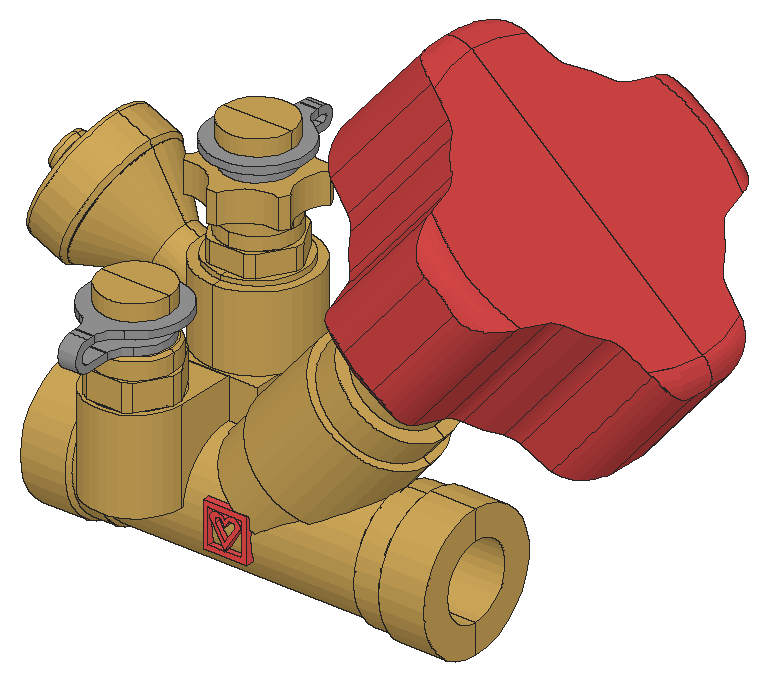
Revit family "Strangregulierventil mit Messblende 4017 ML (LF-MF)", category Rohrzubehör, Revit 2021
Family settings
  Bemaßung runder Anschluss = Durchmesser verwenden
  Teiletyp = Unterbricht
  OmniClass-Nummer = 23.65.55.14
  OmniClass-Titel = Valves for Liquid Services
  Arbeitsebenenbasiert = Nein
  Immer vertikal = Ja
  Beim Laden mit Abzugskörper schneiden = Nein
  Gemeinsam genutzt = Nein
Parameters (values of type "MF")
  kvs-Wert [instance] = if(and(Nennweite = 15.000 mm, LF), 0.46, if(and(Nennweite = 15.000 mm, MF), 0.88, 0))  # 0.88
  kv-Wert der Blende [instance] = if(and(Nennweite = 15.000 mm, LF), 0.48, if(and(Nennweite = 15.000 mm, MF), 0.97, 0))  # 0.97
  W01 = 50.00°  # constant formula
  Vorgabe-Ansicht = 0.000 mm
  URL = "www.herz-armaturen.at"
  SW01 = 60.00°  # constant formula
  SCRNSEQ = "ARM;ARM_TYP=\"STRV\";2"
  SCRNCODE = "05;07;02"  # constant formula
  S03 = 60.000 mm  # constant formula
  S02 [instance] = L04 + L06 + L07  # 76.800 mm
  S01 [instance] = D01 * 2  # 27.000 mm
  R03 = 21.500 mm  # constant formula
  R02 = 9.500 mm  # constant formula
  R01 = 12.000 mm  # constant formula
  Medium = "Heizwasserqualität entsprechend ÖNORM H 5195 bzw. VDI-Richtlinie 2035"
  MF = yes
  LF = no
  L10 [instance] = size_lookup("4017_ML_", "L10", 1.000 mm, Nennweite)  # 28.500 mm
  L09 [instance] = size_lookup("4017_ML_", "L9", 1.000 mm, Nennweite)  # 22.500 mm
  L08 [instance] = size_lookup("4017_ML_", "L8", 1.000 mm, Nennweite)  # 12.700 mm
  L07 [instance] = size_lookup("4017_ML_", "L7", 1.000 mm, Nennweite)  # 35.100 mm
  L06 [instance] = size_lookup("4017_ML_", "L6", 1.000 mm, Nennweite)  # 6.500 mm
  L05 [instance] = size_lookup("4017_ML_", "L5", 1.000 mm, Nennweite)  # 20.200 mm
  L04 [instance] = size_lookup("4017_ML_", "L4", 1.000 mm, Nennweite)  # 35.200 mm
  L03 [instance] = size_lookup("4017_ML_", "L3", 1.000 mm, Nennweite)  # 1.000 mm
  H03 [instance] = H01 - 19.000 mm  # 1.000 mm
  H02 = 13.000 mm  # constant formula
  Gehäuse = "entzinkungsbeständigem Messing"  # constant formula
  E01 [instance] = L00 / -2  # -41.500 mm
  E00 = 0.000 mm  # constant formula
  D09 [instance] = size_lookup("4017_ML_", "D9", 1.000 mm, Nennweite)  # 11.750 mm
  D08 [instance] = size_lookup("4017_ML_", "D8", 1.000 mm, Nennweite)  # 9.500 mm
  D07 [instance] = size_lookup("4017_ML_", "D7", 1.000 mm, Nennweite)  # 12.000 mm
  D06 [instance] = size_lookup("4017_ML_", "D6", 1.000 mm, Nennweite)  # 13.500 mm
  D05 [instance] = size_lookup("4017_ML_", "D5", 1.000 mm, Nennweite)  # 12.500 mm
  D04 [instance] = Nennweite / 2  # 7.500 mm
  IG [instance] = Nennweite / 2  # 7.500 mm
  D03 [instance] = size_lookup("4017_ML_", "D3", 1.000 mm, Nennweite)  # 11.900 mm
  D02 [instance] = size_lookup("4017_ML_", "D2", 1.000 mm, Nennweite)  # 12.700 mm
  D01 [instance] = size_lookup("4017_ML_", "D1", 1.000 mm, Nennweite)  # 13.500 mm
  Nennweite [instance] = 15.000 mm  # constant formula
  Max. Differenzdruck bei geschlossenen Sitz = 1000000.0 Pa  # constant formula
  Max. Betriebstemperatur = 130 °C  # constant formula
  Max. Betriebsdruck = 2000000.0 Pa  # constant formula
  L02 [instance] = size_lookup("4017_ML_", "L2", 1.000 mm, Nennweite)  # 5.000 mm
  L01 [instance] = size_lookup("4017_ML_", "L1", 1.000 mm, Nennweite)  # 9.250 mm
  L00 [instance] = size_lookup("4017_ML_", "L", 1.000 mm, Nennweite)  # 83.000 mm
  Hersteller = "HERZ Armaturen Ges.m.b.H."  # constant formula
  H01 [instance] = size_lookup("4017_ML_", "H1", 1.000 mm, Nennweite)  # 20.000 mm
  GT [instance] = size_lookup("4017_ML_", "GT", 1.000 mm, Nennweite)  # 13.200 mm
  DN50 [instance] = Nennweite = 50.000 mm  # no
  DN40 [instance] = Nennweite = 40.000 mm  # no
  DN32 [instance] = Nennweite = 32.000 mm  # no
  DN25 [instance] = Nennweite = 25.000 mm  # no
  DN20 [instance] = Nennweite = 20.000 mm  # no
  DN15 [instance] = Nennweite = 15.000 mm  # yes
  Bestellnummer [instance] = if(and(Nennweite = 15.000 mm, LF), 1401730, if(and(Nennweite = 15.000 mm, MF), 1401739, 0))  # 1401739
  Ausführung = "STRÖMAX 4017 ML, Strangregulierventil mit Messblende und Impulsleitungsanschluss für Differenzdruckmessung in Schrägsitzform, mit Messventilen\r\nGelbe Ausführung aus entzinkungsbeständigen Messing, Muffe x Muffe, Spindelabdichtung mit Dreifach-O-Ring, Voreinstellung durch Hubbegrenzung, digitale Anzeige der Voreinstellstufe im Handradfenster."
  Anwendungsgebiet = "Zum hydraulischen Abgleich in Heiz- oder Kühlanlagen, Einregulieren von Verteilleitungen, Strängen, Wärmetauschern,\r\nHeiz- und Kühlregistern."
Types (3, lengths in mm): name | kvs-Wert | kv-Wert der Blende | MF | LF | Bestellnummer
  (no name) | 0.88 | 0.97 | yes | no | 1401739
  LF | 0.46 | 0.48 | no | yes | 1401730
  MF | 0.88 | 0.97 | yes | no | 1401739
Reference planes
  plane 1 "Mitte (Vorne/hinten)": y = 0
  plane 2: z = 0
  plane 3 "Mitte (Links/rechts)": x = 0
Forms (mm)
  Revolve 1, solid, material "Messing, weicher Gelbton, geschweißt", detail levels fine
    sketch origin (470, 0, 0) x (1, 0, 0) y (0, 0, 1)
      loop
        line (-511.5, 7.5) -> (-498.3, 7.5) -> (-498.3, 0) -> (-441.7, 0) -> (-441.7, 7.5) -> (-428.5, 7.5) -> (-428.5, 13.5) -> (-437.75, 13.5) -> (-438.421, 12.7) -> (-443.421, 12.7) -> (-444.093, 11.9) -> (-495.907, 11.9) -> (-496.579, 12.7) -> (-501.579, 12.7) -> (-502.25, 13.5) -> (-511.5, 13.5) -> (-511.5, 7.5)
      axis (-511.5, 0) -> (-428.5, 0)
    angle from 0 to 360
  Revolve 2, solid, material "Messing, weicher Gelbton, geschweißt", detail levels fine
    sketch origin (0.32, 0, -0.105) x (1, 0, 0) y (0, 0, 1)
      loop
        line (-1.32, 0.105) -> (48.046, 58.937) -> (39.045, 66.49) -> (30.882, 56.761) -> (32.605, 55.315) -> (18.207, 38.155) -> (16.292, 39.762) -> (12.114, 34.783) -> (10.964, 35.747) -> (-2.02, 20.273) -> (-1.254, 19.63) -> (-7.652, 12.005) -> (-7.065, 4.926) -> (-1.32, 0.105)
      axis (-1.32, 0.105) -> (48.046, 58.937)
    angle from 0 to 360
  Extrusion 3, solid, material "Messing, weicher Gelbton, geschweißt", detail levels fine
    sketch origin (0, 0, 0) x (1, 0, 0) y (0, 1, 0)
      loop
        arc (-28.5, -12) -> (-19, -21.5) -> (-9.5, -12) r 9.5
        line (-9.5, -12) -> (-9.5, 0) -> (-28.5, 0) -> (-28.5, -12)
    from 1 <- "H03" to 20 <- "H01"
  Extrusion 4, solid, material "Messing, weicher Gelbton, geschweißt", detail levels fine
    sketch origin (0, 0, 0) x (1, 0, 0) y (0, 1, 0)
      loop
        line (-22.5, 12) -> (-22.5, 0) -> (-3.5, 0) -> (-3.5, 12)
        arc (-3.5, 12) -> (-13, 21.5) -> (-22.5, 12) r 9.5
    from 0 to 20 <- "H01"
  Extrusion 5, void
    sketch origin (0, 0, 0) x (1, 0, 0) y (0, 0, 1)
      loop
        line (55, 0) -> (80, 0) -> (80, 73) -> (55, 73) -> (55, 0)
    from 55 to -55
Cuts and joins
  Extrusion 5 cuts Revolve 2
Lines and regions (mm)
  model lines, detail levels coarse+medium
    curve 1: line (-41.5, 0, 13.5) -> (-41.5, 0, -13.5)
    curve 2: line (-41.5, 0, -13.5) -> (41.5, 0, 13.5)
    curve 3: line (41.5, 0, 13.5) -> (41.5, 0, -13.5)
    curve 4: line (41.5, 0, -13.5) -> (-41.5, 0, 13.5)
    curve 5: line (0, 0, 0) -> (38.4, 0, 66.511)
    curve 6: line (12.419, 0, 81.511) -> (64.381, 0, 51.511)
    curve 7: line (-41.5, -13.5, 0) -> (-41.5, 13.5, 0)
    curve 8: line (-41.5, 13.5, 0) -> (41.5, -13.5, 0)
    curve 9: line (41.5, -13.5, 0) -> (41.5, 13.5, 0)
    curve 10: line (41.5, 13.5, 0) -> (-41.5, -13.5, 0)
    curve 11: line (0, 0, 0) -> (38.4, 66.511, 0)
    curve 12: line (12.419, 81.511, 0) -> (64.381, 51.511, 0)
Dimensions and locks
  "L00": Revolve 1 sketch curve to Revolve 1 sketch curve
  equal spacing: Revolve 1 sketch curve, plane 3 "Mitte (Links/rechts)", Revolve 1 sketch curve
  "D01": Revolve 1 sketch curve to Revolve 1 sketch curve  (x2)
  "GT": Revolve 1 sketch curve to Revolve 1 sketch curve  (x2)
  "D06": Revolve 2 sketch curve to Revolve 2 sketch curve
  "D07": Revolve 2 sketch curve to Revolve 2 sketch curve
  "D08": Revolve 2 sketch curve to Revolve 2 sketch curve
  "D09": Revolve 2 sketch curve to Revolve 2 sketch curve
  equal spacing: curve 1, plane 3 "Mitte (Links/rechts)", curve 3
  "L00": curve 1 to curve 3
  equal spacing: curve 4, plane 2, curve 2
  "S01": curve 4 to curve 1
  "S01": curve 3 to curve 4
  equal spacing: curve 3, plane 2, curve 4
  "S02": curve 5 to curve 5
  equal spacing: curve 6, curve 5, curve 6
  "S03": curve 6 to curve 6
  equal spacing: curve 7, plane 3 "Mitte (Links/rechts)", curve 9
  "L00": curve 7 to curve 9
  equal spacing: curve 10, plane 1 "Mitte (Vorne/hinten)", curve 8
  "S01": curve 8 to curve 10
  equal spacing: curve 9, plane 1 "Mitte (Vorne/hinten)", curve 10
  "S01": curve 10 to curve 9
  "S02": curve 11 to curve 11
  equal spacing: curve 12, curve 11, curve 12
  "S03": curve 12 to curve 12
  "L01": Revolve 1 sketch curve to Revolve 1 sketch curve  (x2)
  "D02": Revolve 1 sketch curve to plane 2  (x2)
  "D03": Revolve 1 sketch curve to plane 2
  "IG": Revolve 1 sketch curve to plane 2  (x2)
  "L02": Revolve 1 sketch curve to Revolve 1 sketch curve  (x2)
  "L04": Revolve 2 sketch curve to Revolve 2 sketch curve
  "L05": Revolve 2 sketch curve to Revolve 2 sketch curve
  "D03": Revolve 2 sketch curve to plane 2
  "L06": Revolve 2 sketch curve to Revolve 2 sketch curve
  "L08": Revolve 2 sketch curve to Revolve 2 sketch curve
  "L07": Revolve 2 sketch curve to Revolve 2 sketch curve
  "D04": Revolve 2 sketch curve to Revolve 2 sketch curve
  "D05": Revolve 2 sketch curve to Revolve 2 sketch curve
  "L03": plane 3 "Mitte (Links/rechts)" to Revolve 2 sketch curve  (x2)
  "D03": nested 1 to plane 1 "Mitte (Vorne/hinten)"
  "L09": Revolve 1 to Extrusion 3 sketch curve
  "R01": Extrusion 3 sketch curve to plane 1 "Mitte (Vorne/hinten)"
  "R01": plane 1 "Mitte (Vorne/hinten)" to Extrusion 4 sketch curve
  "L10": Revolve 1 to Extrusion 4 sketch curve
  "H01": nested 2 to plane 2
  "R01": nested 2 to plane 1 "Mitte (Vorne/hinten)"
  "L09": Revolve 1 to nested 2
  Extrusion 5 sketch curve to plane 3 "Mitte (Links/rechts)" = 55.000 mm
  Extrusion 5 sketch curve to Extrusion 5 sketch curve = 25.000 mm
  Extrusion 5 sketch curve to plane 2 = 73.000 mm
  "L10": Revolve 1 to nested 4
  "R01": plane 1 "Mitte (Vorne/hinten)" to nested 4
  "H01": nested 4 to plane 2
  "R02": radius of Extrusion 3 sketch curve
  "R02": radius of Extrusion 4 sketch curve
  "W01": angle level to Revolve 2 sketch curve
  "SW01": angle plane 2 to curve 5
  "SW01": angle plane 1 "Mitte (Vorne/hinten)" to curve 11
  "W01": angle Revolve 1 sketch curve to Revolve 1 sketch curve  (x4)
  "W01": angle plane 2 to Revolve 2 sketch curve
  aligned and locked: level to plane 2
Automatic sketch dimensions
  Extrusion 5 sketch curve to level = 0.000 mm
  curve 5 to level = 0.000 mm
  plane 1 "Mitte (Vorne/hinten)" to curve 11 = 0.000 mm
  Revolve 1 sketch curve to level = 0.000 mm  (x2)
  Revolve 1 sketch curve to Revolve 1 sketch curve = 791.990 mm
  Revolve 1 sketch curve to Revolve 1 sketch curve = 2278.983 mm
  Revolve 2 sketch curve to level = 0.000 mm  (x2)
  plane 1 "Mitte (Vorne/hinten)" to Extrusion 3 sketch curve = 0.000 mm
  plane 1 "Mitte (Vorne/hinten)" to Extrusion 4 sketch curve = 0.000 mm
Nested families
  nested 1: "Herz-Logo-vorne" at (0, -11.9, 0) x (0, 1, 0) z (0, 0, 1), type "Herz-Logo-vorne", detail levels fine
  nested 2: "Messstutzen_Band_Eintritt_senkrecht_(oben)" at (-19, -12, 2.5) x (-1, 0, 0) z (0, 0, 1), type "Messstutzen_Band_Eintritt_senkrecht_(oben)", detail levels fine
    with Schutzkappe yes, Nennweite 0.000 mm, Gewicht 0.00 kg, Bestellnummer 0
  nested 3: "Strangregulierventil-Handrad (Rot) DN15-DN32" at (48.366, 0, 58.832), visible <- "DN15", type "Strangregulierventil-Handrad (Rot) DN15-DN32"
    with Nennweite 0.000 mm, Gewicht 0.00 kg, Bestellnummer 0
  nested 4: "Messstutzen_Band-KFE_Austritt_senkrecht_(oben)" at (-13, 12, 24.41), type "Messstutzen_Band-KFE_Austritt_senkrecht_(oben)", detail levels fine
    with Schutzkappe yes, Nennweite 0.000 mm, Gewicht 0.00 kg, Bestellnummer 0
Connectors
  piping at (-28.3, 0, 0), diameter 15, driven by "Nennweite"
    settings: on Revolve 1, index 1, connector inside diameter 609.6 mm, connector length 0.000 mm, flow factor 0, pipe flow 0.0 L/s, pressure drop 0.0 Pa, fitting loss kfactor 0, connector angle 0.00°, fixture units 0, engagement length 0.000 mm, angle of deflection 0.00°, flow configuration 0, flow direction 1, fitting loss method 0, system type 29, joint type 0, gender type 0, connector reference index -1, connector utility 0, adjustable connector no, is connector primary yes, connector description ""
  piping at (28.3, 0, 0), diameter 15, driven by "Nennweite"
    settings: on Revolve 1, index 2, connector inside diameter 609.6 mm, connector length 0.000 mm, flow factor 0, pipe flow 0.0 L/s, pressure drop 0.0 Pa, fitting loss kfactor 0, connector angle 0.00°, fixture units 0, engagement length 0.000 mm, angle of deflection 0.00°, flow configuration 0, flow direction 2, fitting loss method 0, system type 29, joint type 0, gender type 0, connector reference index -1, connector utility 0, adjustable connector no, is connector primary no, connector description ""
Definition of nested family "Herz-Logo-vorne"
  Parameters (values of type "Herz-Logo-vorne")
    Default Elevation = 0.000 mm
  Reference planes
    plane 1 "Mitte (Vorne/hinten)": y = 0
    plane 2: z = 0
    plane 3 "Mitte (Links/rechts)": x = 0
  Forms (mm)
    Extrusion 1, solid
      sketch origin (0.732, -0.018, 0.017) x (0, -1, 0) y (0, 0, 1)
        loop
          line (-0.018, -4.517) -> (4.482, -4.517) -> (4.482, 4.483) -> (-4.518, 4.483) -> (-4.518, -4.517) -> (-0.018, -4.517)
        loop
          line (-0.05, -3.48) -> (3.482, -3.48) -> (3.482, 3.483) -> (-3.518, 3.483) -> (-3.518, -3.48) -> (-0.05, -3.48)
        loop
          arc (-0.018, 2.383) -> (-1.543, 3.287) -> (-3.067, 2.383) r 1.738
          arc (-3.067, 2.383) -> (-3.191, 1.899) -> (-3.067, 1.415) r 1.009
          line (-3.067, 1.415) -> (-0.018, -3.281) -> (3.032, 1.415)
          arc (3.032, 1.415) -> (3.156, 1.899) -> (3.032, 2.383) r 1.009
          arc (3.032, 2.383) -> (1.507, 3.287) -> (-0.018, 2.383) r 1.738
        loop
          arc (1.885, 1.272) -> (2.005, 1.675) -> (1.885, 2.079) r 0.74
          arc (1.885, 2.079) -> (1.265, 2.416) -> (0.644, 2.079) r 0.74
          line (0.644, 2.079) -> (-0.018, 0.97) -> (-0.679, 2.079)
          arc (-0.679, 2.079) -> (-1.3, 2.416) -> (-1.921, 2.079) r 0.74
          arc (-1.921, 2.079) -> (-2.04, 1.675) -> (-1.921, 1.272) r 0.74
          line (-1.921, 1.272) -> (-0.018, -1.658) -> (1.885, 1.272)
      from 0 to 1.5
  Dimensions and locks
    aligned and locked: level to plane 2
Definition of nested family "Messstutzen_Band_Eintritt_senkrecht_(oben)"
  Parameters (values of type "Messstutzen_Band_Eintritt_senkrecht_(oben)")
    Default Elevation = 0.000 mm
    URL = "www.herz-armaturen.at"
    Schutzkappe [instance] = yes
    Nennweite [instance] = 0.000 mm
    Manufacturer = "Herz Armaturen GmbH"  # constant formula
    Gewicht [instance] = 0.00 kg
    Bestellnummer [instance] = 0
  Reference planes
    plane 1 "Mitte (Vorne/hinten)": y = 0
    plane 2: z = 0
    plane 3 "Mitte (Links/rechts)": x = 0
    plane 4 "Schlaufe 1": z = -27
    plane 5 "Schlaufe 2": z = -31.678
  Forms (mm)
    Revolve 1, solid, detail levels fine
      sketch origin (0, 0, 0) x (1, 0, 0) y (0, 0, 1)
        loop
          line (-7.4, 9) -> (-5.55, 9) -> (-5.55, 6)
          arc (-5.55, 6) -> (-5.626, 5.617) -> (-5.843, 5.293) r 1
          line (-5.843, 5.293) -> (-6.455, 4.681) -> (-6.455, 0.9) -> (-5.555, 0) -> (-2, 0) -> (-2, 17.5) -> (-8.4, 17.5)
          arc (-8.4, 17.5) -> (-7.693, 17.207) -> (-7.4, 16.5) r 1
          line (-7.4, 16.5) -> (-7.4, 9)
        loop
          line (-3.7, 27) -> (-7.3, 27) -> (-7.9, 26.4) -> (-7.9, 23) -> (-2, 23) -> (-2, 35.8) -> (-3.805, 35.8) -> (-4.415, 35.19) -> (-4.415, 30.863) -> (-3.7, 30.45) -> (-3.7, 27)
        axis (0, 0) -> (0, 35.8)
      angle from 0 to 360
    Extrusion 2, solid, detail levels fine
      sketch origin (0, 0, 17.5) x (0, 1, 0) y (-1, 0, 0)
        loop
          arc (-7.07, 5.156) -> (-7.578, 4.375) -> (-8, 3.544) r 8.75
          line (-8, 3.544) -> (-8, -3.544)
          arc (-8, -3.544) -> (-7.578, -4.375) -> (-7.07, -5.156) r 8.75
          line (-7.07, -5.156) -> (-0.93, -8.7)
          arc (-0.93, -8.7) -> (0, -8.75) -> (0.93, -8.7) r 8.75
          line (0.93, -8.7) -> (7.07, -5.156)
          arc (7.07, -5.156) -> (7.578, -4.375) -> (8, -3.544) r 8.75
          line (8, -3.544) -> (8, 3.544)
          arc (8, 3.544) -> (7.578, 4.375) -> (7.07, 5.156) r 8.75
          line (7.07, 5.156) -> (0.93, 8.7)
          arc (0.93, 8.7) -> (0, 8.75) -> (-0.93, 8.7) r 8.75
          line (-0.93, 8.7) -> (-7.07, 5.156)
      from 0 to 5.5
    Revolve 3, solid, visible <- "Schutzkappe", detail levels fine
      sketch origin (0, 0, 0) x (1, 0, 0) y (0, 0, 1)
        loop
          line (0, 35.878) -> (0, 36.678) -> (-7, 36.678) -> (-7, 33.378) -> (-6.1, 33.378) -> (-6.1, 31.678) -> (-6.9, 31.678) -> (-6.9, 30.178) -> (-4.415, 30.178) -> (-4.415, 35.268) -> (-3.805, 35.878) -> (0, 35.878)
        axis (0, 30.178) -> (0, 36.678)
      angle from 0 to 360
    Extrusion 4, solid, detail levels fine
      sketch origin (0, 0, 28.5) x (1, 0, 0) y (0, 1, 0)
        loop
          circle (0, 0) r 3.7
        loop
          arc (-3.906, 5.505) -> (0, -6.75) -> (3.906, 5.505) r 6.75
          arc (3.906, 5.505) -> (2.358, 7.288) -> (1.8, 9.582) r 5
          line (1.8, 9.582) -> (-1.8, 9.582)
          arc (-1.8, 9.582) -> (-2.358, 7.288) -> (-3.906, 5.505) r 5
      from 0 to -1.5
    Extrusion 5, solid, detail levels fine
      sketch origin (0, 0, 33.178) x (1, 0, 0) y (0, 1, 0)
        loop
          circle (0, 0) r 6.1
        loop
          arc (-4.495, 8.652) -> (0, -9.75) -> (4.495, 8.652) r 9.75
          arc (4.495, 8.652) -> (2.527, 10.493) -> (1.8, 13.089) r 5
          line (1.8, 13.089) -> (-1.8, 13.089)
          arc (-1.8, 13.089) -> (-2.527, 10.493) -> (-4.495, 8.652) r 5
      from 0 to -1.5
    Sweep 6, solid, detail levels fine
      path origin (0, 0, 0) x (0, 0, -1) y (0, -1, 0)
        loop
          line (-27.75, -9.582) -> (-27.75, -14.522)
          arc (-27.75, -14.522) -> (-30.089, -16.862) -> (-32.428, -14.522) r 2.339
          line (-32.428, -14.522) -> (-32.428, -13.089)
      profile origin (0, 12.052, 27.75) x (0, 0, 1) y (1, 0, 0)
        loop
          line (-0.75, -1.8) -> (0.75, -1.8) -> (0.75, 1.8) -> (-0.75, 1.8) -> (-0.75, -1.8)
  Dimensions and locks
    aligned and locked: level to plane 2
Definition of nested family "Strangregulierventil-Handrad (Rot) DN15-DN32"
  Parameters (values of type "Strangregulierventil-Handrad (Rot) DN15-DN32")
    Default Elevation = 0.000 mm
    URL = "www.herz-armaturen.at"
    Nennweite [instance] = 0.000 mm
    Manufacturer = "Herz Armaturen GmbH"  # constant formula
    Gewicht [instance] = 0.00 kg
    Bestellnummer [instance] = 0
  Reference planes
    plane 1 "Mitte (Vorne/hinten)": y = 0
    plane 2: z = 0
    plane 3 "Mitte (Links/rechts)": x = 0
  Forms (mm)
    Revolve 1, solid, detail levels fine
      sketch origin (0, 0, 0) x (0.766044, 0, -0.642788) y (0.642788, 0, 0.766044)
        loop
          line (0, 0) -> (0, 24.95) -> (-30.992, 24.95)
          arc (-30.992, 24.95) -> (-34.37, 23.636) -> (-35.973, 20.386) r 5
          line (-35.973, 20.386) -> (-37, 8.65) -> (-35.986, -2.936)
          arc (-35.986, -2.936) -> (-34.383, -6.186) -> (-31.005, -7.5) r 5
          line (-31.005, -7.5) -> (-15, -7.5) -> (-15, 0) -> (0, 0)
        axis (0, 24.95) -> (0, -7.5)
      angle from 0 to 360
    Extrusion 2, void
      sketch origin (13.049, 0, 15.551) x (0.766044, 0, -0.642788) y (0, 1, 0)
        loop
          line (3.861, 35.5) -> (-3.861, 35.5)
          arc (-3.861, 35.5) -> (-8.731, 33.847) -> (-11.589, 29.571) r 8
          line (-11.589, 29.571) -> (-13.284, 23.245)
          arc (-13.284, 23.245) -> (-13.982, 21.722) -> (-15.144, 20.516) r 5
          arc (-15.144, 20.516) -> (-18.031, 18.031) -> (-20.516, 15.144) r 25.5
          arc (-20.516, 15.144) -> (-21.722, 13.982) -> (-23.245, 13.284) r 5
          line (-23.245, 13.284) -> (-29.571, 11.589)
          arc (-29.571, 11.589) -> (-33.847, 8.731) -> (-35.5, 3.861) r 8
          line (-35.5, 3.861) -> (-35.5, -3.861)
          arc (-35.5, -3.861) -> (-33.847, -8.731) -> (-29.571, -11.589) r 8
          line (-29.571, -11.589) -> (-23.245, -13.284)
          arc (-23.245, -13.284) -> (-21.722, -13.982) -> (-20.516, -15.144) r 5
          arc (-20.516, -15.144) -> (-18.031, -18.031) -> (-15.144, -20.516) r 25.5
          arc (-15.144, -20.516) -> (-13.982, -21.722) -> (-13.284, -23.245) r 5
          line (-13.284, -23.245) -> (-11.589, -29.571)
          arc (-11.589, -29.571) -> (-8.731, -33.847) -> (-3.861, -35.5) r 8
          line (-3.861, -35.5) -> (3.861, -35.5)
          arc (3.861, -35.5) -> (8.731, -33.847) -> (11.589, -29.571) r 8
          line (11.589, -29.571) -> (13.284, -23.245)
          arc (13.284, -23.245) -> (13.982, -21.722) -> (15.144, -20.516) r 5
          arc (15.144, -20.516) -> (18.031, -18.031) -> (20.516, -15.144) r 25.5
          arc (20.516, -15.144) -> (21.722, -13.982) -> (23.245, -13.284) r 5
          line (23.245, -13.284) -> (29.571, -11.589)
          arc (29.571, -11.589) -> (33.847, -8.731) -> (35.5, -3.861) r 8
          line (35.5, -3.861) -> (35.5, 3.861)
          arc (35.5, 3.861) -> (33.847, 8.731) -> (29.571, 11.589) r 8
          line (29.571, 11.589) -> (23.245, 13.284)
          arc (23.245, 13.284) -> (21.722, 13.982) -> (20.516, 15.144) r 5
          arc (20.516, 15.144) -> (18.031, 18.031) -> (15.144, 20.516) r 25.5
          arc (15.144, 20.516) -> (13.982, 21.722) -> (13.284, 23.245) r 5
          line (13.284, 23.245) -> (11.589, 29.571)
          arc (11.589, 29.571) -> (8.731, 33.847) -> (3.861, 35.5) r 8
        loop
          circle (0, 0) r 38
      from -31.266 to 7.923
  Cuts and joins
    Extrusion 2 cuts Revolve 1
  Dimensions and locks
    Revolve 1 sketch curve to Revolve 1 sketch curve = 15.000 mm
    Revolve 1 sketch curve to Revolve 1 sketch curve = 16.150 mm
    Revolve 1 sketch curve to Revolve 1 sketch curve = 16.300 mm
    angle Revolve 1 sketch curve to Revolve 1 sketch curve = 95.00°
    aligned and locked: level to plane 2
Definition of nested family "Messstutzen_Band-KFE_Austritt_senkrecht_(oben)"
  Parameters (values of type "Messstutzen_Band-KFE_Austritt_senkrecht_(oben)")
    Default Elevation = 0.000 mm
    URL = "www.herz-armaturen.at"
    Schutzkappe [instance] = yes
    Nennweite [instance] = 0.000 mm
    Manufacturer = "Herz Armaturen GmbH"  # constant formula
    Gewicht [instance] = 0.00 kg
    Bestellnummer [instance] = 0
  Reference planes
    plane 1 "Mitte (Vorne/hinten)": y = 0
    plane 2: z = 0
    plane 3 "Mitte (Links/rechts)": x = 0
  Forms (mm)
    Revolve 1, solid, detail levels fine
      sketch origin (0, 0, 0) x (1, 0, 0) y (0, 0, 1)
        loop
          line (-7.4, 9) -> (-5.55, 9) -> (-5.55, 6)
          arc (-5.55, 6) -> (-5.626, 5.617) -> (-5.843, 5.293) r 1
          line (-5.843, 5.293) -> (-6.455, 4.681) -> (-6.455, 0.9) -> (-5.555, 0) -> (-2, 0) -> (-2, 23) -> (-2, 35.8) -> (-3.805, 35.8) -> (-4.415, 35.19) -> (-4.415, 30.863) -> (-3.7, 30.45) -> (-3.7, 27) -> (-7.4, 27) -> (-7.4, 9)
        axis (0, 0) -> (0, 35.8)
      angle from 0 to 360
    Extrusion 2, solid, detail levels fine
      sketch origin (0, 0, 17.5) x (0, 1, 0) y (-1, 0, 0)
        loop
          arc (-7.07, 5.156) -> (-7.578, 4.375) -> (-8, 3.544) r 8.75
          line (-8, 3.544) -> (-8, -3.544)
          arc (-8, -3.544) -> (-7.578, -4.375) -> (-7.07, -5.156) r 8.75
          line (-7.07, -5.156) -> (-0.93, -8.7)
          arc (-0.93, -8.7) -> (0, -8.75) -> (0.93, -8.7) r 8.75
          line (0.93, -8.7) -> (7.07, -5.156)
          arc (7.07, -5.156) -> (7.578, -4.375) -> (8, -3.544) r 8.75
          line (8, -3.544) -> (8, 3.544)
          arc (8, 3.544) -> (7.578, 4.375) -> (7.07, 5.156) r 8.75
          line (7.07, 5.156) -> (0.93, 8.7)
          arc (0.93, 8.7) -> (0, 8.75) -> (-0.93, 8.7) r 8.75
          line (-0.93, 8.7) -> (-7.07, 5.156)
      from -5.51 to -1.21
    Revolve 3, solid, visible <- "Schutzkappe", detail levels fine
      sketch origin (0, 0, 0) x (1, 0, 0) y (0, 0, 1)
        loop
          line (0, 35.878) -> (0, 36.678) -> (-7, 36.678) -> (-7, 33.378) -> (-6.1, 33.378) -> (-6.1, 31.678) -> (-6.9, 31.678) -> (-6.9, 30.178) -> (-4.415, 30.178) -> (-4.415, 35.268) -> (-3.805, 35.878) -> (0, 35.878)
        axis (0, 30.178) -> (0, 36.678)
      angle from 0 to 360
    Extrusion 4, solid, detail levels fine
      sketch origin (0, 0, 30) x (1, 0, 0) y (0, 1, 0)
        loop
          circle (0, 0) r 3.7
        loop
          arc (-3.906, 5.505) -> (0, -6.75) -> (3.906, 5.505) r 6.75
          arc (3.906, 5.505) -> (2.358, 7.288) -> (1.8, 9.582) r 5
          line (1.8, 9.582) -> (-1.8, 9.582)
          arc (-1.8, 9.582) -> (-2.358, 7.288) -> (-3.906, 5.505) r 5
      from 0 to -1.5
    Extrusion 5, solid, detail levels fine
      sketch origin (0, 0, 33.178) x (1, 0, 0) y (0, 1, 0)
        loop
          circle (0, 0) r 6.1
        loop
          arc (-4.495, 8.652) -> (0, -9.75) -> (4.495, 8.652) r 9.75
          arc (4.495, 8.652) -> (2.527, 10.493) -> (1.8, 13.089) r 5
          line (1.8, 13.089) -> (-1.8, 13.089)
          arc (-1.8, 13.089) -> (-2.527, 10.493) -> (-4.495, 8.652) r 5
      from 0 to -1.5
    Sweep 6, solid, detail levels fine
      path origin (0, 0, 0) x (0, 0, -1) y (0, -1, 0)
        loop
          line (-29.25, -9.582) -> (-29.25, -14.522)
          arc (-29.25, -14.522) -> (-30.839, -16.112) -> (-32.428, -14.522) r 1.589
          line (-32.428, -14.522) -> (-32.428, -13.089)
      profile origin (0, 12.052, 29.25) x (0, 0, 1) y (1, 0, 0)
        loop
          line (-0.75, -1.8) -> (0.75, -1.8) -> (0.75, 1.8) -> (-0.75, 1.8) -> (-0.75, -1.8)
    Extrusion 7, solid, detail levels fine
      sketch origin (-101.196, 0, 0) x (1, 0, 0) y (0, 1, 0)
        loop
          arc (112.053, 5.113) -> (111.589, 6) -> (111.053, 6.845) r 12
          arc (111.053, 6.845) -> (105.696, 7.794) -> (102.196, 11.958) r 7.971
          arc (102.196, 11.958) -> (101.196, 12) -> (100.196, 11.958) r 12
          arc (100.196, 11.958) -> (96.696, 7.794) -> (91.34, 6.845) r 7.971
          arc (91.34, 6.845) -> (90.804, 6) -> (90.34, 5.113) r 12
          arc (90.34, 5.113) -> (92.196, 0) -> (90.34, -5.113) r 7.971
          arc (90.34, -5.113) -> (90.804, -6) -> (91.34, -6.845) r 12
          arc (91.34, -6.845) -> (96.696, -7.794) -> (100.196, -11.958) r 7.971
          arc (100.196, -11.958) -> (101.196, -12) -> (102.196, -11.958) r 12
          arc (102.196, -11.958) -> (105.696, -7.794) -> (111.053, -6.845) r 7.971
          arc (111.053, -6.845) -> (111.589, -6) -> (112.053, -5.113) r 12
          arc (112.053, -5.113) -> (110.196, 0) -> (112.053, 5.113) r 7.971
      from 22.3 to 28.5
    Revolve 8, solid, detail levels fine
      sketch origin (0, 43.374, -20) x (0, 1, 0) y (0, 0, 1)
        loop
          line (-43.374, 0) -> (-37.874, 0) -> (-36.774, 1.1) -> (-36.774, 4.9) -> (-37.874, 6) -> (-37.874, 8.4) -> (-36.424, 8.4) -> (-36.424, 9.2) -> (-34.424, 9.2) -> (-34.424, 15.59) -> (-31.874, 15.59) -> (-31.874, 30.99) -> (-33.874, 30.99) -> (-33.874, 31.99) -> (-43.374, 31.99) -> (-43.374, 0)
        loop
          line (-43.374, 39) -> (-43.374, 36.29) -> (-35.874, 36.29) -> (-35.874, 39) -> (-43.374, 39)
        axis (-43.374, 39) -> (-43.374, 0)
      angle from 0 to 360
    Revolve 9, solid, detail levels fine
      sketch origin (0, 0, 0) x (-1, 0, 0) y (0, 0, 1)
        loop
          line (0, -1.01) -> (32.627, 14.204) -> (27.556, 25.08) -> (25.934, 25.67) -> (21.602, 23.65) -> (14.873, 11.994) -> (-2.324, 3.975) -> (0, -1.01)
        axis (32.627, 14.204) -> (0, -1.01)
      angle from 0 to 360
    Revolve 10, solid, detail levels fine
      sketch origin (-51.188, 0, -39.797) x (-0.422618, 0, -0.906308) y (-0.906308, 0, 0.422618)
        loop
          line (-56.786, 8) -> (-45.747, 8) -> (-45.747, 0) -> (-43.834, 0) -> (-42.786, 1.048) -> (-42.786, 8.048)
          arc (-42.786, 8.048) -> (-43.065, 8.721) -> (-43.738, 9) r 0.952
          line (-43.738, 9) -> (-52.974, 9)
          arc (-52.974, 9) -> (-53.548, 9.238) -> (-53.786, 9.812) r 0.812
          line (-53.786, 9.812) -> (-53.786, 12) -> (-52.786, 12) -> (-52.786, 13.03)
          arc (-52.786, 13.03) -> (-53.07, 13.716) -> (-53.756, 14) r 0.97
          line (-53.756, 14) -> (-56.786, 14) -> (-56.786, 8)
        axis (-56.786, 14) -> (-56.786, 0)
      angle from 0 to 360
  Dimensions and locks
    aligned and locked: level to plane 2
